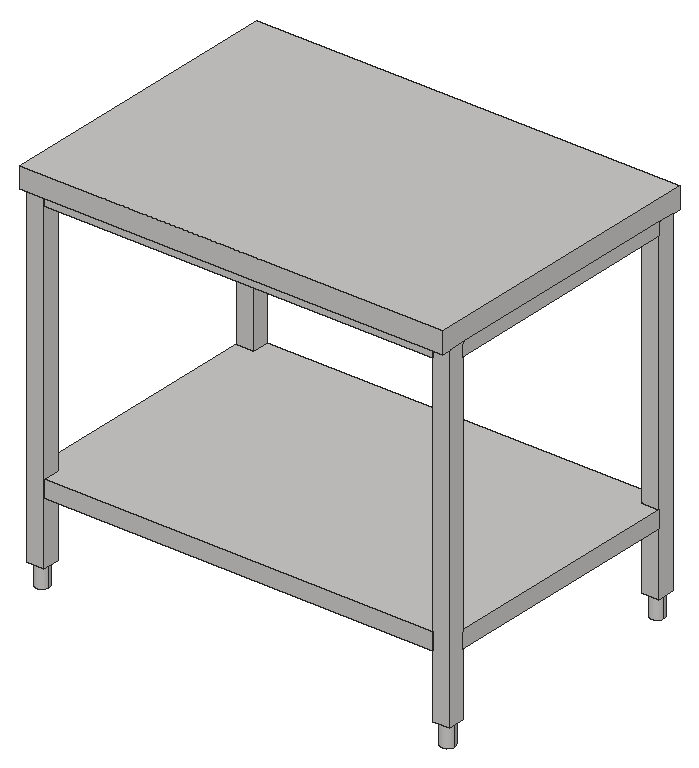
Revit family "QF_ELECTROLUXPROFESSIONAL_134082_LSGTG1000E", category Attrezzature speciali, Revit 2020
Family settings
  Quota connettore circolare = Usa diametro
  Tipo di parte = Normale
  Basato su piano di lavoro = No
  Sempre verticale = Sì
  Taglio con vuoti quando caricato = No
  Condiviso = No
  Punto di calcolo locali = No
Parameters (values of type "Standard")
  Weight = 36.00 kg
  Watts = 0 W
  Volts = 0 V
  URL Manufacturer = "https://www.electroluxprofessional.com/"
  URL = "https://www.electroluxprofessional.com/"
  Steam Supply Size = 0 mm
  Steam Supply Minimum Pressure = 0.0 Pa
  Steam Supply Maximum Pressure = 0.0 Pa
  Steam Consumption per Hour = 0
  Refrigeration Suction Line Size = 0.0 mm
  Refrigeration Liquid Line Size = 0.0 mm
  Refrigerant Compressor Remote = yes
  Prospetto di default = 0.0 mm
  Produttore = "Electrolux Professional"
  Phase = 0
  Modello = "LSGTG1000E"
  Length Actual = 1000.0 mm  # constant formula
  Item Number = "134082"
  Hot Water Size = 0 mm
  Height Actual = 900.0 mm  # constant formula
  HP = "0 HP"
  Gas Size = 0 mm
  Gas KW = 0
  Gas Input Pressure = 0 W
  Direct Waste Size = 0 mm
  Descrizione = "WORK TABLE 1000 MM WITH LOWER SHELF"
  Depth Actual = 700.0 mm  # constant formula
  Cycle = 0 Hz
  Condensate Return Size = 0 mm
  Compressed Air Volume = 0.0 L/s
  Compressed Air Size = 0 mm
  Compressed Air Pressure = 0.0 Pa
  Cold Water Size = 0 mm
  Accessory = yes
Reference planes
  plane 1 "Center (Front/Back)": y = 0
  plane 2: z = 0
  plane 3 "Center (Left/Right)": x = 0
  plane 4 "LEFT": x = -500
  plane 5 "RIGHT": x = 500
  plane 6 "BACK": y = 350
  plane 7 "FRONT": y = -350
  plane 8 "Base": z = 850
  plane 9 "TOP": z = 900
  plane 10: x = -480
  plane 11: x = 480
  plane 12: y = 310
  plane 13: y = -310
  plane 14 "TRAVERSI": z = 820
  plane 15: x = -460
  plane 16: x = 460
  plane 17: y = 290
  plane 18: y = -290
  plane 19: y = 330
  plane 20: y = -330
  plane 21 "Plane": z = 200
Forms (mm)
  Extrusion 1, solid, material "QF_Finishes_Stainless Steel"
    sketch origin (0, 0, 0) x (0, 1, 0) y (0, 0, 1)
      loop
        line (-350, 850) -> (350, 850) -> (350, 900) -> (-350, 900) -> (-350, 850)
    from 500 to -500
  Extrusion 2, solid, material "QF_Finishes_Stainless Steel"
    sketch origin (0, 0, 820) x (0, 1, 0) y (-1, 0, 0)
      loop
        line (290, -460) -> (-290, -460) -> (-290, -500) -> (290, -500) -> (290, -460)
      loop
        line (290, 500) -> (-290, 500) -> (-290, 460) -> (290, 460) -> (290, 500)
    from 0 to 30
  Extrusion 3, solid, material "QF_Finishes_Stainless Steel"
    sketch origin (0, 0, 820) x (0, 1, 0) y (-1, 0, 0)
      loop
        line (330, -460) -> (330, 460) -> (290, 460) -> (290, -460) -> (330, -460)
      loop
        line (-290, 460) -> (-330, 460) -> (-330, -460) -> (-290, -460) -> (-290, 460)
    from 0 to 30
  Extrusion 4, solid, material "QF_Finishes_Stainless Steel"
    sketch origin (0, 0, 200) x (0, 1, 0) y (-1, 0, 0)
      loop
        line (290, 500) -> (-290, 500) -> (-290, 460) -> (-330, 460) -> (-330, -460) -> (-290, -460) -> (-290, -500) -> (290, -500) -> (290, -460) -> (330, -460) -> (330, 460) -> (290, 460) -> (290, 500)
    from 0 to 40
Lines and regions (mm)
  symbolic lines
    curve 1: line (500, 350, 900) -> (-500, 350, 900)
    curve 2: line (-500, 350, 900) -> (-500, -350, 900)
    curve 3: line (-500, -350, 900) -> (500, -350, 900)
    curve 4: line (500, -350, 900) -> (500, 350, 900)
Dimensions and locks
  plane 4 "LEFT" to plane 5 "RIGHT" = 1000.0 mm
  equal spacing: plane 4 "LEFT", plane 3 "Center (Left/Right)", plane 5 "RIGHT"
  locked: plane 8 "Base" to level at 850
  plane 4 "LEFT" to plane 10 = 20.0 mm
  plane 11 to plane 5 "RIGHT" = 20.0 mm
  plane 10 to plane 11 = 960.0 mm
  locked: plane 9 "TOP" to level at 900
  plane 6 "BACK" to plane 12 = 40.0 mm
  plane 13 to plane 7 "FRONT" = 40.0 mm
  plane 6 "BACK" to plane 7 "FRONT" = 700.0 mm
  plane 12 to plane 13 = 620.0 mm
  equal spacing: plane 6 "BACK", plane 1 "Center (Front/Back)", plane 7 "FRONT"
  plane 8 "Base" to plane 14 "TRAVERSI" = 30.0 mm
  locked: plane 10 to plane 15 at 20
  locked: plane 16 to plane 11 at 20
  locked: plane 19 to plane 12 at 20
  locked: plane 12 to plane 17 at 20
  locked: plane 18 to plane 13 at 20
  locked: plane 13 to plane 20 at 20
  plane 21 "Plane" to level = 200.0 mm
  aligned and locked: level to plane 2
  aligned and locked: plane 10 to nested 1
  aligned and locked: nested 1 to plane 13
  aligned and locked: plane 11 to nested 2
  aligned and locked: nested 2 to plane 13
  aligned and locked: plane 11 to nested 4
  aligned and locked: nested 4 to plane 12
  aligned and locked: plane 10 to nested 3
  aligned and locked: nested 3 to plane 12
  aligned and locked: Extrusion 1 to plane 4 "LEFT"
  aligned and locked: plane 5 "RIGHT" to Extrusion 1
  aligned and locked: curve 2 to plane 4 "LEFT"
  aligned and locked: Extrusion 2 sketch curve to plane 5 "RIGHT"
  aligned and locked: Extrusion 2 sketch curve to plane 17  (x2)
  aligned and locked: plane 16 to Extrusion 2 sketch curve
  aligned and locked: plane 18 to Extrusion 2 sketch curve  (x2)
  aligned and locked: plane 4 "LEFT" to Extrusion 2 sketch curve
  aligned and locked: Extrusion 2 sketch curve to plane 15
  aligned and locked: plane 19 to Extrusion 3 sketch curve
  aligned and locked: Extrusion 3 sketch curve to plane 17
  aligned and locked: Extrusion 3 sketch curve to plane 18
  aligned and locked: plane 20 to Extrusion 3 sketch curve
  aligned and locked: Extrusion 3 sketch curve to plane 15
  aligned and locked: plane 15 to Extrusion 3 sketch curve
  aligned and locked: plane 16 to Extrusion 3 sketch curve
  aligned and locked: Extrusion 3 sketch curve to plane 16
  aligned and locked: Extrusion 4 sketch curve to plane 19
  aligned and locked: Extrusion 4 sketch curve to plane 5 "RIGHT"
  aligned and locked: Extrusion 4 sketch curve to plane 20
  aligned and locked: plane 4 "LEFT" to Extrusion 4 sketch curve
  aligned and locked: Extrusion 4 sketch curve to plane 17  (x2)
  aligned and locked: plane 15 to Extrusion 4 sketch curve
  aligned and locked: Extrusion 4 sketch curve to plane 16
  aligned and locked: Extrusion 4 sketch curve to plane 18  (x2)
  aligned and locked: plane 16 to Extrusion 4 sketch curve
  aligned and locked: Extrusion 4 sketch curve to plane 15
Automatic sketch dimensions
  Extrusion 1 sketch curve to plane 7 "FRONT" = 0.0 mm
  Extrusion 1 sketch curve to plane 8 "Base" = 0.0 mm
  curve 3 to plane 7 "FRONT" = 0.0 mm
  curve 4 to plane 6 "BACK" = 0.0 mm
  Extrusion 1 sketch curve to plane 9 "TOP" = 0.0 mm
  Extrusion 1 sketch curve to plane 6 "BACK" = 0.0 mm
  curve 4 to plane 5 "RIGHT" = 0.0 mm
Nested families
  nested 1: "FEET_40x40_P50" at (-480, -310, 0), type "FEET_40x40_P50"
  nested 2: "FEET_40x40_P50" at (480, -310, 0), type "FEET_40x40_P50"
  nested 3: "FEET_40x40_P50" at (-480, 310, 0), type "FEET_40x40_P50"
  nested 4: "FEET_40x40_P50" at (480, 310, 0), type "FEET_40x40_P50"
Definition of nested family "FEET_40x40_P50"
  Parameters
    Default Elevation = 0.0 mm
    FEET = 850.0 mm
  Reference planes
    plane 1 "Center (Front/Back)": y = 0
    plane 2: z = 0
    plane 3 "Center (Left/Right)": x = 0
    plane 4: z = 850
  Forms (mm)
    Extrusion 1, solid
      sketch origin (0, 0, 0) x (1, 0, 0) y (0, 1, 0)
        loop
          line (-20, -20) -> (20, -20) -> (20, 20) -> (-20, 20) -> (-20, -20)
      from 50 to 850
    Extrusion 2, solid
      sketch origin (0, 0, 0) x (1, 0, 0) y (0, 1, 0)
        loop
          circle (0, 0) r 16
      from 0 to 50
  Lines and regions (mm)
    symbolic lines
      curve 1: line (0, -1.503, 0) -> (0, 1.508, 0)
      curve 2: line (1.561, 0, 0) -> (-1.439, 0, 0)
  Dimensions and locks
    "FEET": plane 4 to plane 2
    aligned and locked: level to plane 2
  Automatic sketch dimensions
    Extrusion 1 sketch curve to plane 3 "Center (Left/Right)" = 20.0 mm
    plane 3 "Center (Left/Right)" to Extrusion 1 sketch curve = 20.0 mm
    plane 1 "Center (Front/Back)" to Extrusion 1 sketch curve = 20.0 mm
    Extrusion 1 sketch curve to plane 1 "Center (Front/Back)" = 20.0 mm
    plane 1 "Center (Front/Back)" to Extrusion 2 sketch curve = 0.0 mm
    Extrusion 2 sketch curve to plane 3 "Center (Left/Right)" = 0.0 mm
    plane 1 "Center (Front/Back)" to curve 2 = 0.0 mm
    curve 1 to plane 3 "Center (Left/Right)" = 0.0 mm
    curve 2 to plane 3 "Center (Left/Right)" = 1.439 mm
    plane 3 "Center (Left/Right)" to curve 2 = 1.561 mm
    plane 1 "Center (Front/Back)" to curve 1 = 1.503 mm
    curve 1 to plane 1 "Center (Front/Back)" = 1.508 mm
    radius of Extrusion 2 sketch curve = 16.0 mm
